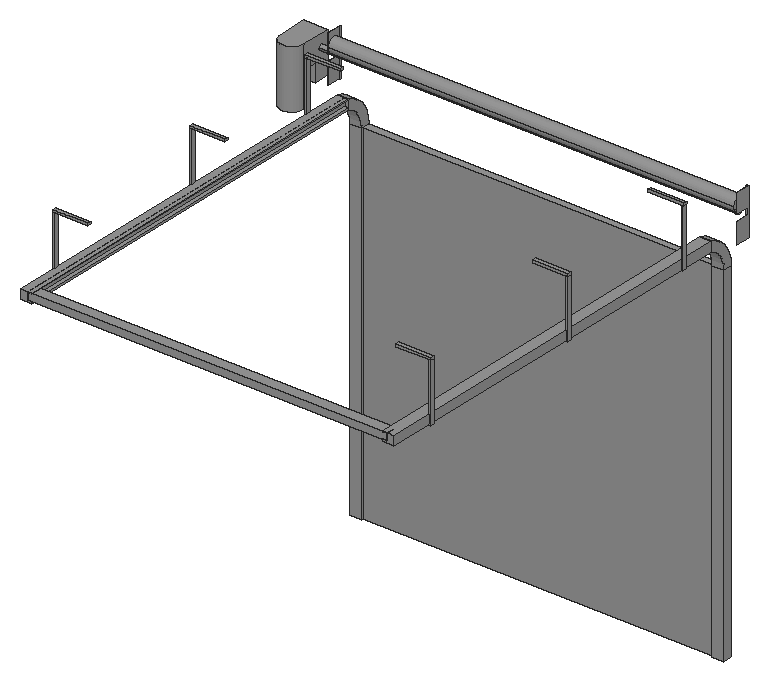
Revit family "cekchionnie_protivopozarnie_vorota_firetecnics_ei60", category Двери, Revit 2016
Family settings
  Основа = Стена
  Номер OmniClass = 23.30.10.00
  Заголовок OmniClass = Doors
  Всегда вертикально = Да
  При загрузке вырезать с полостями = Нет
  Общий = Нет
  Точка расчета площади = Нет
Parameters (values of type "Секционные противопожарные ворота FireTechnics EI60")
  Ширина полотна = 60 mm  # constant formula
  Диаметр втулки = 20 mm
  дальняя точка мотора = 450 mm  # constant formula
  высота верхней направляющей = 200 mm  # constant formula
  Ширина направляющих = 100 mm  # constant formula
  Ширина люка = 200 mm  # constant formula
  Ширина двери = 1000 mm  # constant formula
  Ширина верхней направляющей = ADSK_Размер_Высота + 600 mm  # 3600 mm
  Функция = Внутренние слои
  Разработано = "support@bimlib.ru"  # constant formula
  Противопожарный лючок [instance] = no
  Противопожарная дверь есть [instance] = no
  Огнестойкость = "EI60"
  Материал полотна = Firetech полотно
  Материал направляющих = Сталь_оцинкованная_листовая
  Крепеж на стену = 250 mm  # constant formula
  Изготовитель = "Firetechnics"  # constant formula
  Длина направляющей = 75.5 mm  # constant formula
  Глубина выступа = 40 mm  # constant formula
  Высота мотора = 500 mm  # constant formula
  Высота лючка = 200 mm  # constant formula
  Высота кронштейна [instance] = 500 mm
  Высота двери = 2000 mm  # constant formula
  Height = ADSK_Размер_Высота  # 3000 mm
  Замыкание стены = По основе
  Width = ADSK_Размер_Ширина  # 3000 mm
  Ворота закрыто [instance] = yes
  Видимость2 [instance] = and(Ворота закрыто, Противопожарный лючок)  # no
  Видимость1 [instance] = and(Ворота закрыто, Противопожарная дверь есть)  # no
  Верхнее полотно видимость [instance] = and(Ворота закрыто, Верхнее полотно)  # no
  Верхнее полотно [instance] = not(Ворота закрыто)  # no
  Аналитическая конструкция = "<Нет>"
  URL = "https://www.fire-tec.ru/"
  ADSK_Размер_Ширина = 3000 mm
  ADSK_Размер_Высота = 3000 mm
  ADSK_Примечание [instance] = ""
  ADSK_Предел огнестойкости = "EI60"
  ADSK_Позиция [instance] = ""
  ADSK_Обозначение = ""
  ADSK_Наименование = "Секционные противопожарные ворота FireTechnics EI60"
  ADSK_Масса_Текст = ""
  ADSK_Завод-изготовитель = Изготовитель  # "Firetechnics"
  ADSK_Единица измерения = ""
  ADSK_URL страницы изделия = "https://www.fire-tec.ru/catalog/protivopozharnye-vorota/sektsionnye-protivopozharnye-vorota/"
  ADSK_URL документации изделия = ""
Reference planes
  plane 1: y = 0
  plane 2 "По центру (Влево/Вправо)": x = 0
  plane 3 "Слева": x = -1500
  plane 4 "Справа": x = 1500
  plane 5: z = 3000
  plane 6 "Наружный": y = 75
  plane 7 "Внутренние": y = -72.954
  plane 8: x = -1750
  plane 9: x = 1750
  plane 10: x = -1950
  plane 11: x = -1600
  plane 12: x = 1600
  plane 13: y = -148.497
  plane 14: y = -78.839
  plane 15: y = -138.839
  plane 16: x = 1540
  plane 17: x = -1540
  plane 18: z = 3200
  plane 19: z = 3500
  plane 20: z = 3280
  plane 21: z = 3275
  plane 22: z = 3215
  plane 23: y = -3672.997
  plane 24: y = -3448.167
  plane 25: y = -280.885
  plane 26: y = -3573.167
  plane 27: z = 3500
  plane 28: x = -735
  plane 29: x = 735
  plane 30: x = -500
  plane 31: x = 500
  plane 32: x = 1200
  plane 33: x = 1400
  plane 34: z = 279.862
  plane 35: z = 79.862
  plane 36: z = 2000
  plane 37: x = -1850
  plane 38: x = -1735
  plane 39: x = 1735
  plane 40: y = -3272.997
  plane 41: z = 3200
  plane 42: z = 3240
  plane 43: z = 3700
  plane 44: z = 3720
  plane 45: x = -1617
  plane 46: x = -1317
  plane 47: x = 1317
  plane 48: x = 3117
  plane 49: y = -543.594
  plane 50: y = -573.636
  plane 51: y = -3272.954
  plane 52: y = -3302.997
  plane 53: x = 1620
  plane 54: y = -3302.954
  plane 55: x = -1617
  plane 56: y = -603.636
  plane 57: y = -1836.498
  plane 58: y = -1806.498
Forms (mm)
  Extrusion 1, void
    sketch origin (0, 0, 0) x (1, 0, 0) y (0, 1, 0)
      loop
        line (-1500, 77.046) -> (-1500, -72.954) -> (-2560, -72.954) -> (-2560, -4749.211) -> (4340, -4749.211) -> (4340, -72.954) -> (1500, -72.954) -> (1500, 77.046) -> (-1500, 77.046)
    from 0 to 3000
  Extrusion 2, solid, material "Сталь_оцинкованная_листовая" <- "Материал направляющих"
    sketch origin (0, 0, 0) x (1, 0, 0) y (0, 1, 0)
      loop
        line (-1500, -78.839) -> (-1500, -72.954) -> (-1600, -72.954) -> (-1600, -148.497) -> (-1500, -148.497) -> (-1500, -138.839) -> (-1540, -138.839) -> (-1540, -78.839) -> (-1500, -78.839)
    from 0 to 3000
  Extrusion 3, solid, material "Сталь_оцинкованная_листовая" <- "Материал направляющих"
    sketch origin (0, 0, 0) x (1, 0, 0) y (0, 1, 0)
      loop
        line (1600, -72.954) -> (1500, -72.954) -> (1500, -78.839) -> (1540, -78.839) -> (1540, -138.839) -> (1500, -138.839) -> (1500, -148.497) -> (1600, -148.497) -> (1600, -72.954)
    from 0 to 3000
  Extrusion 4, solid, material "Firetech полотно" <- "Материал полотна", visible <- "Ворота закрыто"
    sketch origin (0, 0, 0) x (1, 0, 0) y (0, 1, 0)
      loop
        line (-1540, -78.839) -> (-1540, -138.839) -> (1540, -138.839) -> (1540, -78.839) -> (-1540, -78.839)
    from 0 to 3000
  Extrusion 5, solid, material "Сталь_оцинкованная_листовая" <- "Материал направляющих"
    sketch origin (0, 75, 0) x (1, 0, 0) y (0, 0, 1)
      loop
        line (1500, 3275) -> (1540, 3275) -> (1540, 3215) -> (1500, 3215) -> (1500, 3200) -> (1600, 3200) -> (1600, 3280) -> (1500, 3280) -> (1500, 3275)
      loop
        line (-1500, 3275) -> (-1500, 3280) -> (-1600, 3280) -> (-1600, 3200) -> (-1500, 3200) -> (-1500, 3215) -> (-1540, 3215) -> (-1540, 3275) -> (-1500, 3275)
    from 355.885 to 3747.997
  Extrusion 6, solid, material "Firetech полотно" <- "Материал полотна", visible <- "Верхнее полотно"
    sketch origin (0, 75, 0) x (1, 0, 0) y (0, 0, 1)
      loop
        line (1540, 3275) -> (-1540, 3275) -> (-1540, 3215) -> (1540, 3215) -> (1540, 3275)
    from 355.885 to 3523.167
  Extrusion 7, solid, material "Сталь_оцинкованная_листовая" <- "Материал направляющих"
    sketch origin (0, 0, 0) x (0, 1, 0) y (0, 0, 1)
      loop
        line (-148.497, 3000) -> (-72.954, 3000)
        arc (-72.954, 3000) -> (-126.773, 3177.239) -> (-280.885, 3280) r 274.653
        line (-280.885, 3280) -> (-280.885, 3200)
        arc (-280.885, 3200) -> (-184.603, 3119.916) -> (-148.497, 3000) r 217.33
    from 1500 to 1600
  Extrusion 8, solid, material "Сталь_оцинкованная_листовая" <- "Материал направляющих"
    sketch origin (0, 0, 0) x (0, 1, 0) y (0, 0, 1)
      loop
        line (-3672.997, 3275) -> (-3672.997, 3215) -> (-3573.167, 3215) -> (-3573.167, 3275) -> (-3672.997, 3275)
    from -1540 to 1540
  Extrusion 9, solid, material "Сталь_оцинкованная_листовая" <- "Материал направляющих"
    sketch origin (0, 0, 0) x (0, 1, 0) y (0, 0, 1)
      loop
        circle (-148.497, 3500) r 20
    from -1850 to 1735
  Extrusion 10, solid, material "Сталь_оцинкованная_листовая" <- "Материал направляющих"
    sketch origin (0, 0, 0) x (0, 1, 0) y (0, 0, 1)
      loop
        circle (-148.497, 3557.01) r 60
    from -1735 to 1735
  Extrusion 11, solid, material "Firetech полотно" <- "Материал полотна", visible <- "Видимость2"
    sketch origin (0, 0, 0) x (1, 0, 0) y (0, 1, 0)
      loop
        line (1200, -78.839) -> (1200, -138.839) -> (1400, -138.839) -> (1400, -78.839) -> (1200, -78.839)
    from 79.862 to 279.862
  Extrusion 12, solid, material "Firetech полотно" <- "Материал полотна", visible <- "Видимость1"
    sketch origin (0, 0, 0) x (1, 0, 0) y (0, 1, 0)
      loop
        line (-500, -78.839) -> (-500, -138.839) -> (500, -138.839) -> (500, -78.839) -> (-500, -78.839)
    from 79.862 to 2000
  Extrusion 13, solid, material "Сталь_оцинкованная_листовая" <- "Материал направляющих", detail levels fine
    sketch origin (-2, -215.381, 0) x (1, 0, 0) y (0, 1, 0)
      loop
        line (-1600, -358.256) -> (-1615, -358.256) -> (-1615, -388.256) -> (-1600, -388.256) -> (-1600, -358.256)
      loop
        line (1604.116, -358.256) -> (1604.116, -388.256) -> (1619.116, -388.256) -> (1619.116, -358.256) -> (1604.116, -358.256)
    from 3200 to 3700
  Extrusion 14, solid, material "Сталь_оцинкованная_листовая" <- "Материал направляющих", detail levels fine
    sketch origin (-2, -3945.338, 0) x (1, 0, 0) y (0, 1, 0)
      loop
        line (-1598, 672.341) -> (-1613, 672.341) -> (-1613, 642.341) -> (-1598, 642.341) -> (-1598, 672.341)
      loop
        line (1604.116, 672.384) -> (1604.116, 642.384) -> (1619.116, 642.384) -> (1619.116, 672.384) -> (1604.116, 672.384)
    from 3700 to 3200
  Extrusion 15, solid, material "Сталь_оцинкованная_листовая" <- "Материал направляющих", detail levels fine
    sketch origin (0, -1094.239, 0) x (1, 0, 0) y (0, 1, 0)
      loop
        line (1600, -712.26) -> (1600, -742.26) -> (1620, -742.26) -> (1620, -712.26) -> (1600, -712.26)
      loop
        line (-1600, -712.26) -> (-1620, -712.26) -> (-1620, -742.26) -> (-1600, -742.26) -> (-1600, -712.26)
    from 3200 to 3700
  Extrusion 16, solid, material "Сталь_оцинкованная_листовая" <- "Материал направляющих", detail levels fine
    sketch origin (0, 0, 0) x (0, 1, 0) y (0, 0, 1)
      loop
        line (-3272.997, 3720) -> (-3302.954, 3720) -> (-3302.954, 3700) -> (-3272.997, 3700) -> (-3272.997, 3720)
      loop
        line (-1806.498, 3720) -> (-1836.498, 3720) -> (-1836.498, 3700) -> (-1806.498, 3700) -> (-1806.498, 3720)
    from -1617 to -1317
  Extrusion 17, solid, material "Сталь_оцинкованная_листовая" <- "Материал направляющих", detail levels fine
    sketch origin (0, 0, 0) x (0, 1, 0) y (0, 0, 1)
      loop
        line (-3302.954, 3720) -> (-3302.954, 3700) -> (-3272.954, 3700) -> (-3272.954, 3720) -> (-3302.954, 3720)
      loop
        line (-1836.498, 3720) -> (-1836.498, 3700) -> (-1806.498, 3700) -> (-1806.498, 3720) -> (-1836.498, 3720)
    from 1317 to 1620
  Extrusion 18, solid, material "Сталь_оцинкованная_листовая" <- "Материал направляющих", detail levels fine
    sketch origin (0, -30, 0) x (0, 1, 0) y (0, 0, 1)
      loop
        line (-543.594, 3720) -> (-573.636, 3720) -> (-573.636, 3700) -> (-543.594, 3700) -> (-543.594, 3720)
    from -1617 to -1317
  Extrusion 19, solid, material "Сталь_оцинкованная_листовая" <- "Материал направляющих", detail levels fine
    sketch origin (0, -30, 0) x (0, 1, 0) y (0, 0, 1)
      loop
        line (-573.636, 3720) -> (-573.636, 3700) -> (-543.636, 3700) -> (-543.636, 3720) -> (-573.636, 3720)
    from 1317 to 1620
  Extrusion 20, solid, material "Сталь_оцинкованная_листовая" <- "Материал направляющих"
    sketch origin (0, 0, 0) x (0, 1, 0) y (0, 0, -1)
      loop
        arc (-148.497, -3000) -> (-184.603, -3119.916) -> (-280.885, -3200) r 217.33
        line (-280.885, -3200) -> (-280.885, -3280)
        arc (-280.885, -3280) -> (-126.825, -3177.217) -> (-73.04, -3000) r 274.651
        line (-73.04, -3000) -> (-148.497, -3000)
    from 1500 to 1600
Cuts and joins
  joined: Extrusion 9, Extrusion 10
Lines and regions (mm)
  symbolic lines, style "Doors"
    curve 1: line (1750, -72.997, 0) -> (1750, -475, 0)
    curve 2: line (1750, -275, 0) -> (-2050, -275, 0)
    curve 3: line (-2050, -72.997, 0) -> (-2050, -543.435, 0)
Text (mm)
  text "Наружный" at (-2295.016, 1099.543, 0), in view "Опорный уровень"
  text "Наружный" at (0, 1615.38, 3698.081), in view "Слева"
  text "Наружный" at (0, 1036.032, 3874.932), in view "Справа"
Dimensions and locks
  equal spacing: plane 3 "Слева", plane 2 "По центру (Влево/Вправо)", plane 4 "Справа"
  "Width": plane 3 "Слева" to plane 4 "Справа"
  "Height": plane 5 to host wall
  host wall to plane 5 = 3000 mm  (x2)
  plane 6 "Наружный" to host wall = 2.046 mm
  locked: plane 7 "Внутренние" to host wall
  "Крепеж на стену": plane 8 to plane 3 "Слева"
  "дальняя точка мотора": plane 10 to plane 3 "Слева"
  "Крепеж на стену": plane 4 "Справа" to plane 9
  "Ширина направляющих": plane 11 to plane 3 "Слева"
  "Ширина направляющих": plane 4 "Справа" to plane 12
  "Длина направляющей": plane 7 "Внутренние" to plane 13
  "Ширина полотна": plane 14 to plane 15
  "высота верхней направляющей": plane 18 to plane 5
  "Высота мотора": plane 19 to plane 5
  locked: plane 20 to plane 18 at 80
  plane 20 to plane 21 = 5 mm
  locked: plane 7 "Внутренние" to plane 14 at 5.885
  plane 18 to plane 20 = 80 mm
  plane 21 to plane 20 = 5 mm
  "Ширина полотна": plane 22 to plane 21
  plane 23 to plane 24 = 224.83 mm
  plane 25 to plane 14 = 202.046 mm
  locked: nested 3 to plane 7 "Внутренние" at 180
  locked: nested 3 to plane 10 at 0
  locked: plane 27 to plane 19 at 0
  locked: cut or joined group of Extrusion 9, Extrusion 10 to plane 14 at 129.658
  "Диаметр втулки": Extrusion 9 sketch curve to plane 13
  "Ширина верхней направляющей": plane 23 to plane 7 "Внутренние"
  plane 23 to plane 26 = 99.83 mm
  locked: plane 33 to plane 4 "Справа" at 100
  "Ширина люка": plane 32 to plane 33
  equal spacing: plane 30, plane 2 "По центру (Влево/Вправо)", plane 31
  "Ширина двери": plane 30 to plane 31
  locked: nested 4 to plane 15
  locked: plane 14 to nested 5 at 0
  locked: nested 5 to plane 2 "По центру (Влево/Вправо)" at 359
  "Высота лючка": plane 34 to plane 35
  locked: plane 35 to level at 79.862
  Extrusion 1 to Extrusion 3 = 4060 mm
  "Высота двери": level to plane 36
  locked: nested 4 to plane 2 "По центру (Влево/Вправо)" at 358.88
  "Глубина выступа": plane 4 "Справа" to plane 16
  "Глубина выступа": plane 17 to plane 3 "Слева"
  locked: plane 4 "Справа" to plane 39 at 235
  locked: plane 38 to plane 3 "Слева" at 235
  locked: plane 3 "Слева" to plane 37 at 350
  locked: plane 40 to plane 23 at 400
  locked: plane 27 to plane 41 at 300
  plane 19 to plane 41 = 300 mm
  locked: plane 42 to plane 41 at 40
  locked: Extrusion 13 sketch curve to Extrusion 13 sketch curve at 15  (x2)
  locked: Extrusion 13 sketch curve to Extrusion 13 sketch curve at 30
  Extrusion 13 sketch curve to Extrusion 13 sketch curve = 30 mm
  locked: plane 12 to Extrusion 13 at 2.116
  Extrusion 13 to plane 7 "Внутренние" = 530.682 mm
  locked: Extrusion 13 to plane 11 at 2
  "Высота кронштейна": plane 43 to plane 41
  locked: plane 46 to plane 3 "Слева" at 183
  locked: plane 44 to plane 43 at 20
  locked: plane 4 "Справа" to plane 47 at 183
  locked: plane 45 to plane 46 at 300
  locked: plane 49 to plane 50 at 30.043
  locked: Extrusion 14 sketch curve to Extrusion 14 sketch curve at 15  (x2)
  locked: Extrusion 14 sketch curve to Extrusion 14 sketch curve at 30  (x2)
  locked: plane 40 to plane 51 at 0.043
  locked: plane 52 to plane 51 at 30.043
  plane 53 to Extrusion 3 = 20 mm
  locked: plane 40 to plane 54 at 29.957
  locked: plane 11 to plane 55 at 17
  locked: plane 12 to plane 53 at 20
  locked: plane 56 to plane 50 at 30
  locked: plane 58 to plane 57 at 30
  equal spacing: plane 1, plane 57, plane 23
  aligned and locked: host wall to Extrusion 1 sketch curve
  aligned and locked: Extrusion 1 sketch curve to plane 4 "Справа"
  aligned and locked: plane 3 "Слева" to Extrusion 1 sketch curve
  aligned and locked: Extrusion 1 sketch curve to host wall
  aligned and locked: plane 3 "Слева" to Extrusion 2 sketch curve
  aligned and locked: Extrusion 2 sketch curve to plane 17
  aligned and locked: Extrusion 2 sketch curve to plane 3 "Слева"
  aligned and locked: Extrusion 2 sketch curve to plane 7 "Внутренние"
  aligned and locked: plane 14 to Extrusion 2 sketch curve
  aligned and locked: plane 15 to Extrusion 2 sketch curve
  aligned and locked: Extrusion 2 sketch curve to plane 13
  aligned and locked: plane 11 to Extrusion 2 sketch curve
  aligned and locked: Extrusion 3 sketch curve to plane 7 "Внутренние"
  aligned and locked: plane 4 "Справа" to Extrusion 3 sketch curve  (x2)
  aligned and locked: plane 14 to Extrusion 3 sketch curve
  aligned and locked: Extrusion 3 sketch curve to plane 15
  aligned and locked: Extrusion 3 sketch curve to plane 16
  aligned and locked: plane 13 to Extrusion 3 sketch curve
  aligned and locked: plane 12 to Extrusion 3 sketch curve
  aligned and locked: Extrusion 4 sketch curve to Extrusion 2  (x2)
  aligned and locked: Extrusion 4 sketch curve to Extrusion 3  (x2)
  aligned and locked: Extrusion 4 to plane 5
  aligned and locked: Extrusion 2 to plane 5
  aligned and locked: Extrusion 3 to plane 5
  aligned and locked: plane 20 to Extrusion 5 sketch curve  (x2)
  aligned and locked: Extrusion 5 sketch curve to plane 3 "Слева"  (x2)
  aligned and locked: Extrusion 5 sketch curve to plane 21  (x2)
  aligned and locked: plane 17 to Extrusion 5 sketch curve
  aligned and locked: plane 22 to Extrusion 5 sketch curve  (x2)
  aligned and locked: Extrusion 5 sketch curve to plane 18  (x2)
  aligned and locked: Extrusion 5 sketch curve to plane 11
  aligned and locked: plane 16 to Extrusion 5 sketch curve
  aligned and locked: Extrusion 5 sketch curve to plane 4 "Справа"
  aligned and locked: Extrusion 5 sketch curve to plane 12
  aligned and locked: Extrusion 6 sketch curve to Extrusion 5  (x4)
  aligned and locked: Extrusion 5 to plane 23
  aligned and locked: Extrusion 6 to plane 24
  aligned and locked: plane 25 to Extrusion 6
  aligned and locked: Extrusion 5 to Extrusion 6
  aligned and locked: Extrusion 7 sketch curve to plane 5
  aligned and locked: plane 25 to Extrusion 7 sketch curve
  aligned and locked: plane 12 to Extrusion 7
  aligned and locked: plane 4 "Справа" to Extrusion 7
  aligned and locked: plane 16 to Extrusion 8
  aligned and locked: Extrusion 8 to plane 17
  aligned and locked: Extrusion 8 to Extrusion 5
  aligned and locked: nested 1 to plane 7 "Внутренние"
  aligned and locked: plane 9 to nested 1
  aligned and locked: nested 3 to plane 7 "Внутренние"
  aligned and locked: nested 3 to plane 27
  aligned and locked: plane 7 "Внутренние" to nested 2
  aligned and locked: plane 8 to nested 2
  aligned and locked: plane 27 to nested 1
  aligned and locked: nested 2 to plane 27
  aligned and locked: curve 1 to plane 9
  aligned and locked: Extrusion 8 sketch curve to plane 26
  aligned and locked: plane 21 to Extrusion 8
  aligned and locked: plane 22 to Extrusion 8
  aligned and locked: Extrusion 5 to Extrusion 8
  aligned and locked: plane 14 to Extrusion 11 sketch curve
  aligned and locked: plane 32 to Extrusion 11 sketch curve
  aligned and locked: Extrusion 11 sketch curve to plane 15
  aligned and locked: Extrusion 11 sketch curve to plane 33
  aligned and locked: Extrusion 12 sketch curve to plane 14
  aligned and locked: plane 30 to Extrusion 12 sketch curve
  aligned and locked: Extrusion 12 sketch curve to plane 31
  aligned and locked: plane 15 to Extrusion 12 sketch curve
  aligned and locked: Extrusion 11 to plane 34
  aligned and locked: plane 35 to Extrusion 11
  aligned and locked: Extrusion 1 to plane 5
  aligned and locked: Extrusion 12 to plane 36
  aligned and locked: Extrusion 12 to plane 35
  aligned and locked: cut or joined group of Extrusion 9, Extrusion 10 to plane 37
  aligned and locked: plane 38 to nested 2
  aligned and locked: cut or joined group of Extrusion 9, Extrusion 10 to plane 38
  aligned and locked: plane 39 to cut or joined group of Extrusion 9, Extrusion 10  (x2)
  aligned and locked: Extrusion 14 to plane 43
  aligned and locked: Extrusion 14 to plane 41
  aligned and locked: Extrusion 15 to plane 43
  aligned and locked: Extrusion 15 to plane 18
  aligned and locked: plane 44 to Extrusion 16 sketch curve  (x2)
  aligned and locked: Extrusion 16 sketch curve to plane 40
  aligned and locked: Extrusion 16 sketch curve to Extrusion 14  (x2)
  aligned and locked: Extrusion 16 sketch curve to Extrusion 15  (x2)
  aligned and locked: plane 55 to Extrusion 16
  aligned and locked: Extrusion 16 to plane 46
  aligned and locked: Extrusion 17 sketch curve to Extrusion 16  (x4)
  aligned and locked: Extrusion 17 sketch curve to Extrusion 14  (x2)
  aligned and locked: Extrusion 15 to Extrusion 17 sketch curve
  aligned and locked: Extrusion 17 sketch curve to Extrusion 15
  aligned and locked: plane 53 to Extrusion 17
  aligned and locked: Extrusion 17 to plane 47
  aligned and locked: plane 55 to Extrusion 18
  aligned and locked: Extrusion 18 to plane 46
  aligned and locked: Extrusion 19 sketch curve to Extrusion 18
  aligned and locked: Extrusion 19 to plane 53
  aligned and locked: plane 47 to Extrusion 19
  aligned and locked: Extrusion 18 to Extrusion 13
  aligned and locked: plane 56 to Extrusion 13
  aligned and locked: Extrusion 13 to plane 50
  aligned and locked: Extrusion 19 to Extrusion 13
  aligned and locked: Extrusion 19 to plane 50
  aligned and locked: plane 44 to Extrusion 19
  aligned and locked: plane 43 to Extrusion 19
  aligned and locked: Extrusion 13 to plane 43
  aligned and locked: Extrusion 13 to plane 41
  aligned and locked: Extrusion 15 to plane 57  (x2)
  aligned and locked: Extrusion 16 to plane 58
  aligned and locked: Extrusion 15 to plane 58  (x2)
  aligned and locked: Extrusion 20 to plane 11
  aligned and locked: Extrusion 20 to plane 3 "Слева"
  aligned and locked: nested 3 to curve 3
Automatic sketch dimensions
  host wall to Extrusion 1 sketch curve = 0 mm
  Extrusion 1 sketch curve to plane 10 = 610 mm
  plane 48 to Extrusion 1 sketch curve = 1223 mm
  Extrusion 1 sketch curve to plane 23 = 1076.214 mm
  plane 4 "Справа" to Extrusion 5 sketch curve = 0 mm
  Extrusion 7 sketch curve to plane 13 = 0 mm
  Extrusion 7 sketch curve to host wall = 0 mm
  Extrusion 7 sketch curve to plane 18 = 0 mm
  Extrusion 7 sketch curve to plane 20 = 0 mm
  Extrusion 7 sketch curve to plane 5 = 13.492 mm
  plane 5 to Extrusion 7 sketch curve = 0.043 mm
  Extrusion 8 sketch curve to plane 21 = 0 mm
  Extrusion 8 sketch curve to plane 23 = 0 mm
  plane 22 to Extrusion 8 sketch curve = 0 mm
  Extrusion 10 sketch curve to plane 13 = 0 mm
  plane 19 to Extrusion 10 sketch curve = 57.01 mm
  Extrusion 13 sketch curve to plane 45 = 0 mm
  Extrusion 13 sketch curve to plane 50 = 0 mm
  Extrusion 13 sketch curve to plane 56 = 0 mm
  plane 12 to Extrusion 13 sketch curve = 2.116 mm
  plane 40 to Extrusion 14 sketch curve = 0 mm
  Extrusion 14 sketch curve to plane 11 = 0 mm
  plane 51 to Extrusion 14 sketch curve = 0 mm
  plane 12 to Extrusion 14 sketch curve = 2.116 mm
  plane 58 to Extrusion 15 sketch curve = 0 mm  (x2)
  Extrusion 15 sketch curve to plane 57 = 0 mm  (x2)
  Extrusion 15 sketch curve to plane 11 = 0 mm
  Extrusion 15 sketch curve to plane 12 = 0 mm
  Extrusion 15 sketch curve to plane 53 = 0 mm
  plane 45 to Extrusion 15 sketch curve = 3 mm
  Extrusion 16 sketch curve to plane 58 = 0 mm
  Extrusion 18 sketch curve to plane 44 = 0 mm
  Extrusion 18 sketch curve to plane 56 = 0 mm
  plane 43 to Extrusion 18 sketch curve = 0 mm
  plane 50 to Extrusion 18 sketch curve = 0.043 mm
  plane 43 to Extrusion 19 sketch curve = 0 mm
  Extrusion 19 sketch curve to plane 56 = 0 mm
  Extrusion 19 sketch curve to plane 50 = 0 mm
  Extrusion 20 sketch curve to plane 18 = 0 mm
  Extrusion 20 sketch curve to plane 25 = 0 mm
  plane 5 to Extrusion 20 sketch curve = 0 mm
  Extrusion 20 sketch curve to plane 13 = 0 mm
  Extrusion 20 sketch curve to plane 20 = 0 mm
  Extrusion 20 sketch curve to plane 5 = 13.515 mm
  Extrusion 20 sketch curve to plane 25 = 66.473 mm
  plane 5 to Extrusion 20 sketch curve = 0.043 mm
  Extrusion 9 sketch curve to plane 13 = 0 mm
  Extrusion 9 sketch curve to plane 19 = 0 mm
  plane 49 to curve 3 = 0.159 mm
  plane 49 to curve 1 = 68.594 mm
  plane 25 to curve 2 = 5.885 mm
  host wall to curve 3 = 0.043 mm
  host wall to curve 1 = 0.043 mm
  radius of Extrusion 10 sketch curve = 60 mm
Nested families
  nested 1: "кронштейн на стену s ei60" at (1742.5, -133.432, 3464.3) x (0, -1, 0) z (0, 0, 1), type "кронштейн на стену s ei60"
  nested 2: "кронштейн на стену s ei60" at (-1742.5, -133.432, 3464.3) x (0, -1, 0) z (0, 0, 1), type "кронштейн на стену s ei60"
  nested 3: "Двигатель" at (-1950, -252.954, 3500), type "Двигатель", detail levels fine
  nested 4: "ручка двери" at (-358.88, -138.839, 920), visible <- "Видимость1", type "ручка влево", detail levels fine
  nested 5: "ручка двери" at (-359, -78.839, 920), visible <- "Видимость1", type "ручка влево", detail levels fine
Definition of nested family "кронштейн на стену s ei60"
  Parameters (values of type "кронштейн на стену s ei60")
    материал = none
  Reference planes
    plane 1 "По центру (Вперед/Назад)": y = 0
    plane 2: z = 0
    plane 3 "По центру (Влево/Вправо)": x = 0
    plane 4: y = 102.5
    plane 5: y = -102.5
    plane 6: x = -60.477
    plane 7: x = 60
    plane 8: z = 50
    plane 9: z = 65
  Forms (mm)
    Extrusion 1, solid, material <- "материал"
      sketch origin (-60.477, 2.5, 0) x (0, 1, 0) y (0, 0, 1)
        loop
          line (0, 200) -> (-10, 200) -> (-10, -200) -> (0, -200) -> (0, 200)
      from 0 to 10
    Extrusion 2, solid, material <- "материал"
      sketch origin (-60.477, 2.5, 80) x (0, 1, 0) y (0, 0, 1)
        loop
          line (0, 120) -> (0, -44.3) -> (5, -44.3) -> (5, 120) -> (0, 120)
      from 10 to 120.477
    Extrusion 3, solid, material <- "материал"
      sketch origin (-60.477, 2.5, 0) x (0, 1, 0) y (0, 0, 1)
        loop
          line (0, -200) -> (5, -200) -> (5, -20.444) -> (0, -20.444) -> (0, -200)
      from 10 to 120.477
    Extrusion 4, solid, material <- "материал"
      sketch origin (-60.477, 2.5, 0) x (0, 1, 0) y (0, 0, 1)
        loop
          line (0, 200) -> (0, -200) -> (5, -200) -> (5, 200) -> (0, 200)
      from 0 to 10
  Cuts and joins
    joined: Extrusion 1, Extrusion 2, Extrusion 3, Extrusion 4
  Dimensions and locks
    equal spacing: plane 4, plane 1 "По центру (Вперед/Назад)", plane 5
    plane 4 to plane 5 = 205 mm
    Extrusion 4 to plane 3 "По центру (Влево/Вправо)" = 50.477 mm
    aligned and locked: level to plane 2
    aligned and locked: Extrusion 2 to Extrusion 1
    aligned and locked: Extrusion 4 to Extrusion 1
    aligned and locked: plane 7 to Extrusion 2
    aligned and locked: plane 7 to Extrusion 3
  Automatic sketch dimensions
    plane 1 "По центру (Вперед/Назад)" to Extrusion 1 sketch curve = 7.5 mm
    Extrusion 1 sketch curve to plane 1 "По центру (Вперед/Назад)" = 2.5 mm
    Extrusion 1 sketch curve to level = 200 mm
    plane 8 to Extrusion 1 sketch curve = 150 mm
    Extrusion 2 sketch curve to plane 1 "По центру (Вперед/Назад)" = 2.5 mm
    Extrusion 2 sketch curve to Extrusion 2 sketch curve = 5 mm
    level to Extrusion 2 sketch curve = 35.7 mm
    plane 8 to Extrusion 2 sketch curve = 150 mm
    Extrusion 3 sketch curve to plane 1 "По центру (Вперед/Назад)" = 2.5 mm
    Extrusion 3 sketch curve to Extrusion 3 sketch curve = 5 mm
    Extrusion 3 sketch curve to level = 200 mm
    Extrusion 3 sketch curve to level = 20.444 mm
    Extrusion 4 sketch curve to plane 1 "По центру (Вперед/Назад)" = 2.5 mm
    Extrusion 4 sketch curve to Extrusion 4 sketch curve = 5 mm
    Extrusion 4 sketch curve to level = 200 mm
    plane 8 to Extrusion 4 sketch curve = 150 mm
Definition of nested family "Двигатель"
  Reference planes
    plane 1 "По центру (Вперед/Назад)": y = 0
    plane 2: z = 0
    plane 3 "По центру (Влево/Вправо)": x = 0
  Forms (mm)
    Extrusion 1, solid
      sketch origin (0, -75, 0) x (1, 0, 0) y (0, 1, 0)
        loop
          line (-100, 255) -> (-100, 0) -> (100, 0) -> (100, 255) -> (-100, 255)
      from -100 to 100
    Extrusion 2, solid
      sketch origin (0, -75, 0) x (1, 0, 0) y (0, 1, 0)
        loop
          circle (0, 0) r 100
      from -400 to 100
    Extrusion 3, solid
      sketch origin (0, -75, 0) x (1, 0, 0) y (0, 1, 0)
        loop
          line (100, 255) -> (-100, 255) -> (-100, 125) -> (100, 125) -> (100, 255)
      from -250 to 0
  Cuts and joins
    joined: Extrusion 1, Extrusion 2, Extrusion 3
  Dimensions and locks
    Extrusion 1 sketch curve to plane 3 "По центру (Влево/Вправо)" to Extrusion 1 sketch curve = 100 mm, 100 mm
    plane 1 "По центру (Вперед/Назад)" to Extrusion 1 sketch curve = 180 mm
    radius of Extrusion 2 sketch curve = 100 mm
    aligned and locked: level to plane 2
    aligned and locked: Extrusion 3 sketch curve to cut or joined group of Extrusion 1, Extrusion 2, Extrusion 3  (x2)
    aligned and locked: cut or joined group of Extrusion 1, Extrusion 2, Extrusion 3 to Extrusion 3 sketch curve
    aligned and locked: level to Extrusion 3
Definition of nested family "ручка двери"
  Parameters (values of type "ручка вправо")
    материал ручки = none
  Types (2): name
    ручка вправо
    ручка влево
  Reference planes
    plane 1 "По центру (Вперед/Назад)": y = 0
    plane 2: z = 0
    plane 3 "По центру (Влево/Вправо)": x = 0
    plane 4: y = -94.522
    plane 5: through (90.978, -140.02, 1571.813) normal (-1, 0, 0.003)
    plane 6: y = -74.753
  Forms (mm)
    Extrusion 1, solid, material <- "материал ручки"
      sketch origin (0, 0, 28.186) x (1, 0, 0) y (0, 0, 1)
        loop
          line (-64.593, 122.232) -> (-64.593, -92.42) -> (6.493, -92.42) -> (6.493, 122.232) -> (-64.593, 122.232)
      from 0 to 5
    Extrusion 2, solid, material <- "материал ручки"
      sketch origin (-9.05, 15, 48.105) x (-0.999996, 0, 0.002989) y (0, -1, 0)
        loop
          line (4.809, 20) -> (20, 20) -> (20, 82.112)
          arc (20, 82.112) -> (14.468, 99.078) -> (0, 109.522) r 28.783
          line (0, 109.522) -> (-95.473, 109.522)
          arc (-95.473, 109.522) -> (-109.942, 99.078) -> (-115.473, 82.112) r 28.783
          line (-115.473, 82.112) -> (-100.473, 82.112)
          arc (-100.473, 82.112) -> (-98.235, 87.515) -> (-92.832, 89.753) r 7.641
          line (-92.832, 89.753) -> (-2.832, 89.753)
          arc (-2.832, 89.753) -> (2.571, 87.515) -> (4.809, 82.112) r 7.641
          line (4.809, 82.112) -> (4.809, 20)
      from 0 to 20
  Dimensions and locks
    aligned and locked: level to plane 2
